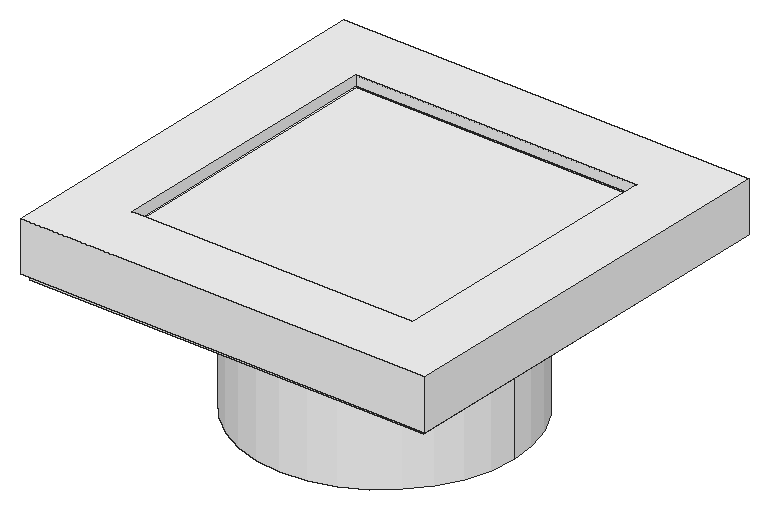
Revit family "Gira_283201", category Electrical Fixtures, host Face, Revit 2017
Family settings
  Host = Face
  Maintain Annotation Orientation = Yes
  Round Connector Dimension = Use Diameter
  Part Type = Normal
  Cut with Voids When Loaded = No
  Shared = No
  Room Calculation Point = No
Parameters (values of type "Wippschalter BS 3f AusWe System 55 Cremeweiß")
  Zusammenstellung = "Basiselement mit Adapterplatte"
  White [instance] = White
  Werkstoffgüte = "sonstige"
  Werkstoff = "sonstige"
  Waschmaschinenschalter = "No"
  URL = "http://katalog.gira.de/de_DE/datenblatt.html?artikelnr=283201"
  Textfeld/Beschriftungsfläche = "nein"
  Tastschalter = "No"
  Schaltungsart = "Wechselschalter"
  Rückmeldekontakt = "No"
  Region = "DE"
  RAL-Nummer (ähnlich) = "1013 "
  Oberfläche = "sonstige"
  Nennspannung = "250 Volt"
  Name = "Wippschalter BS 3f AusWe System 55 Cremeweiß"
  Montageart = "unter Putz"
  Model = "Sys55_Komplettgerät_Schalten und Tasten"
  Mit Montageplatte = "No"
  Manufacturer URL = "https://www.gira.de/"
  HeinzeBIM = "https://bimportal.heinze.de/bim/wippschalter-bs-3f-auswe-system-55-cremeweiss/2235429c5dfe5a81037b955328f90a900e29de40"
  Halogenfrei = "Yes"
  HAN = "283201"
  Geeignet für Schutzart (IP) = "IP20"
  GTIN = "4010337832010"
  Farbe = "cremeweiß (elektroweiß)"
  Default Elevation = 1219.2 mm
  Data sheet (1) = "https://katalog.gira.de/de_DE/download.html?artikelnr=283201"
  Category = "Installationsschalter"
  Bemessungsstrom = "10 Ampere"
  Beleuchtung = "nein"
  Befestigungsart = "Schraubbefestigung"
  Bedienungsart = "Wippe/Taste"
  Available = "Yes"
  Anzahl der Module (bei Modulbauweise) = "1 "
  Anzahl der Betätigungswippen = "3 "
  Anschlussart = "Schraubklemme"
Reference planes
  plane 1 "Center (Front/Back)": y = 0
  plane 2: z = 0
  plane 3 "Center (Left/Right)": x = 0
Forms (mm)
  Extrusion 1, solid, material "White" <- "White", detail levels medium
    sketch origin (0, 0, 0) x (1, 0, 0) y (0, 1, 0)
      loop
        line (-40.4, 40.4) -> (-40.4, -40.4) -> (40.4, -40.4) -> (40.4, 40.4) -> (-40.4, 40.4)
      loop
        line (-28, 28) -> (-28, -28) -> (28, -28) -> (28, 28) -> (-28, 28)
    from 0 to 10
  Extrusion 2, solid, material "White" <- "White", detail levels fine
    sketch origin (0, 0, 0) x (1, 0, 0) y (0, 1, 0)
      loop
        line (-40.4, 40.4) -> (-40.4, -40.4) -> (40.4, -40.4) -> (40.4, 40.4) -> (-40.4, 40.4)
      loop
        line (-28, 28) -> (-28, -28) -> (28, -28) -> (28, 28) -> (-28, 28)
    from 0 to 10
  Extrusion 3, void
    sketch origin (0, 0, 0) x (1, 0, 0) y (0, 1, 0)
      loop
        line (-38.4, 38.4) -> (-38.4, -38.4) -> (38.4, -38.4) -> (38.4, 38.4) -> (-38.4, 38.4)
    from 0 to 8
  Extrusion 4, solid, material "White" <- "White", detail levels medium+fine
    sketch origin (0, 0, 0) x (1, 0, 0) y (0, 1, 0)
      loop
        line (-39.4, 39.4) -> (-39.4, -39.4) -> (39.4, -39.4) -> (39.4, 39.4) -> (-39.4, 39.4)
    from 0 to -1
  Extrusion 5, solid, material "White" <- "White", detail levels medium+fine
    sketch origin (0, 0, 0) x (1, 0, 0) y (0, 1, 0)
      loop
        line (-35.5, 35.5) -> (-35.5, -35.5) -> (35.5, -35.5) -> (35.5, 35.5) -> (-35.5, 35.5)
    from -2 to -3
  Extrusion 6, solid, material "White" <- "White", detail levels medium+fine
    sketch origin (0, 0, 0) x (1, 0, 0) y (0, 1, 0)
      loop
        circle (0, 0) r 26
    from 0 to -27.5
  Extrusion 7, solid, material "White" <- "White", detail levels coarse
    sketch origin (0, 0, 0) x (1, 0, 0) y (0, 1, 0)
      loop
        line (-40.4, 40.4) -> (-40.4, -40.4) -> (40.4, -40.4) -> (40.4, 40.4) -> (-40.4, 40.4)
    from -27.5 to 10
Cuts and joins
  Extrusion 3 cuts Extrusion 2
Dimensions and locks
  aligned and locked: plane 2 to host face
  aligned and locked: level to host face
  aligned and locked: plane 3 "Center (Left/Right)" to nested 2
  aligned and locked: plane 1 "Center (Front/Back)" to nested 2
Nested families
  nested 1: "Sys55_Abdeckung_Schalten und Tasten_floor_base" at (0, 0, 0), type "Sys55_Abdeckung_Schalten und Tasten_floor_base"
  nested 2: "Schalter" at (0, 0, 0), type "Schalter"
Connectors
  electrical at (0, 0, -27.5)
    settings: on Extrusion 6, index 1, voltage 220 V, apparent load 0 VA, apparent load phase1 0 VA, apparent load phase2 0 VA, apparent load phase3 0 VA, power factor 1, load classification "Other", number of poles 1, system type 30, power factor state 1, is connector primary yes, connector utility no, sub classification motor no, connector description ""
Definition of nested family "Sys55_Abdeckung_Schalten und Tasten_floor_base"
  Parameters
    Default Elevation = 1219.2 mm
    White [instance] = none
  Reference planes
    plane 1 "Center (Front/Back)": y = 0
    plane 2: z = 0
    plane 3 "Center (Left/Right)": x = 0
  Forms (mm)
    Extrusion 1, solid
      sketch origin (0, 0, 0) x (1, 0, 0) y (0, 1, 0)
        loop
          line (-1219.2, 1219.2) -> (-1219.2, -1219.2) -> (1219.2, -1219.2) -> (1219.2, 1219.2) -> (-1219.2, 1219.2)
      from 0 to -304.8
    Extrusion 2, solid, material <- "White", detail levels fine
      sketch origin (0, 0, 0) x (1, 0, 0) y (0, 1, 0)
        loop
          line (-27.5, 27.5) -> (-27.5, -27.5) -> (27.5, -27.5) -> (27.5, 27.5) -> (-27.5, 27.5)
      from 0 to 8
    Extrusion 3, void
      sketch origin (0, 0, 0) x (1, 0, 0) y (0, 1, 0)
        loop
          line (26, 26) -> (-26, 26) -> (-26, -26) -> (26, -26) -> (26, 26)
      from 0 to 6
    Extrusion 4, solid, material <- "White", detail levels medium
      sketch origin (0, 0, 0) x (1, 0, 0) y (0, 1, 0)
        loop
          line (-27.5, 27.5) -> (-27.5, -27.5) -> (27.5, -27.5) -> (27.5, 27.5) -> (-27.5, 27.5)
      from 0 to 8
    Extrusion 5, solid, material <- "White", detail levels medium
      sketch origin (0, 0, 0) x (1, 0, 0) y (0, 1, 0)
        loop
          line (11, -17.5) -> (11, 17.5) -> (-11, 17.5) -> (-11, -17.5) -> (11, -17.5)
      from -6 to 6
    Extrusion 6, solid, material <- "White", detail levels fine
      sketch origin (0, 0, 0) x (1, 0, 0) y (0, 1, 0)
        loop
          line (11, 17.5) -> (-11, 17.5) -> (-11, 16.5) -> (11, 16.5) -> (11, 17.5)
        loop
          line (-11, -16.5) -> (-11, -17.5) -> (11, -17.5) -> (11, -16.5) -> (-11, -16.5)
      from -4 to 6
    Extrusion 7, solid, material <- "White", detail levels fine
      sketch origin (0, 0, 0) x (1, 0, 0) y (0, 1, 0)
        loop
          arc (5, 9.347) -> (0, 10.6) -> (-5, 9.347) r 10.6
          line (-5, 9.347) -> (-5, -9.347)
          arc (-5, -9.347) -> (0, -10.6) -> (5, -9.347) r 10.6
          line (5, -9.347) -> (5, 9.347)
      from -6 to 6
    Extrusion 8, solid, material <- "White", detail levels coarse
      sketch origin (0, 0, 0) x (1, 0, 0) y (0, 1, 0)
        loop
          line (-27.5, 27.5) -> (-27.5, -27.5) -> (27.5, -27.5) -> (27.5, 27.5) -> (-27.5, 27.5)
      from -6 to 8
  Cuts and joins
    Extrusion 3 cuts Extrusion 2
  Dimensions and locks
    aligned and locked: plane 2 to Extrusion 1
    aligned and locked: level to Extrusion 1
Definition of nested family "Schalter"
  Reference planes
    plane 1: y = 0
    plane 2: x = 0
  Lines and regions (mm)
    detail lines
      curve 1: circle (1.375, 2.778, 0) r 0.8 normal (0, 0, 1)
      curve 2: line (1.021, 2.061, 0) -> (0, 0, 0)
      curve 3: line (0, 0, 0) -> (-0.538, 0.266, 0)
  Dimensions and locks
    curve 2 to curve 2 = 2.3 mm
    curve 3 to curve 2 = 0.6 mm
    radius of curve 1 = 0.8 mm
